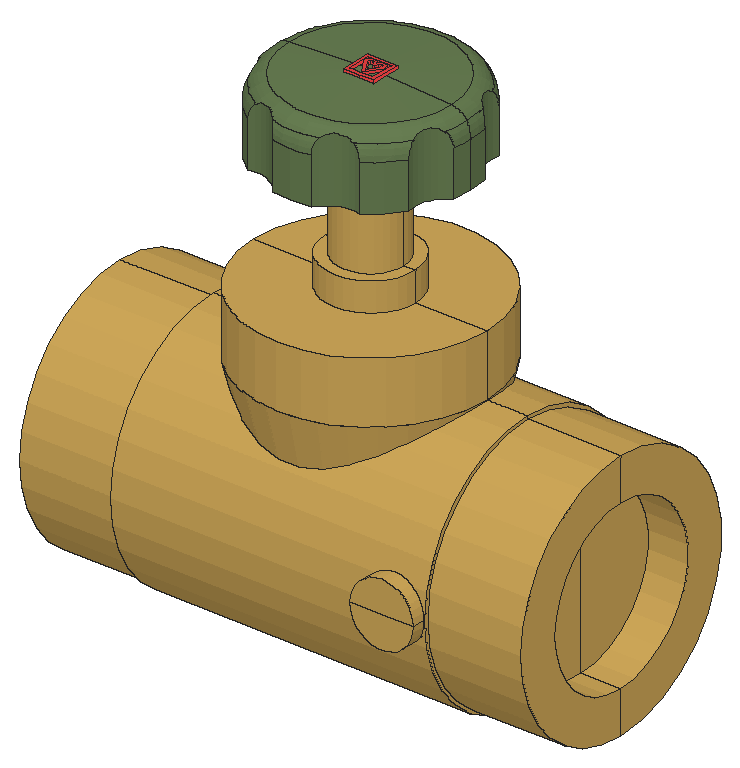
Revit family "Запорный клапан Strömax 4215 W, муфта х муфта", category Rohrzubehör, Revit 2020
Family settings
  Bemaßung runder Anschluss = Durchmesser verwenden
  Teiletyp = Unterbricht
  OmniClass-Nummer = 23.65.55.14
  OmniClass-Titel = Valves for Liquid Services
  Arbeitsebenenbasiert = Nein
  Immer vertikal = Ja
  Beim Laden mit Abzugskörper schneiden = Nein
  Gemeinsam genutzt = Nein
Parameters
  Примечание = "В соответствии со статьей 33 Регламента REACH (Registration; Evaluation; Authorisation; Restriction of Chemicals) (EC № 1907/2006) мы обязаны указать, что свинец внесен в список SVHC (Substances of Very High Concern - вещества очень высокой важности) и весовой процент свинца во всех латунных компонентах заводского изготовления в наших изделиях, превышает 0,1 % (w/w) (CAS: 7439-92-1 / EINECS: 231-100-4).\r\nПоскольку свинец является легирующим компонентом сплава, прямое негативное влияние исключается, и поэтому дополнительной информации о безопасном использовании не требуется."
  Область применения = "Для перекрытия трубопроводов в системе питьевого водоснабжения в зданиях."
  Номер заказа [instance] = size_lookup("4215W_", "Artnr", 0, Nennweite)  # 2421546
  Маховик = "пластик, цвет маховика - зеленый"  # constant formula
  Макс. рабочее давление = 1000000.0 Pa  # constant formula
  Макс. рабочая температура = 90 °C  # constant formula
  Корпус = "латунь, устойчивая к селективной цинковой коррозии, в соответствии с EN1982"  # constant formula
  Vorgabe-Ansicht = 0 mm
  URL = "www.herz-armaturen.ru"
  T01 [instance] = size_lookup("4215W_", "T1", 17.5 mm, Nennweite)  # 42 mm
  SC_NennweiteBerechnet = 0
  SC_Dimension = ""
  SCTWSEQ = "FW;SBT_TYP_FW=\"106\";2"
  SCTWCODE = "04;01;02"  # constant formula
  S03 = 60 mm  # constant formula
  S02 [instance] = H01 + H02 + H03  # 93 mm
  S01 [instance] = R01 * 2  # 75 mm
  R08 [instance] = size_lookup("4215W_", "R8", 9.5 mm, Nennweite)  # 9.5 mm
  R07 = 3 mm  # constant formula
  R06 [instance] = size_lookup("4215W_", "R6", 7.8 mm, Nennweite)  # 10 mm
  R05 [instance] = size_lookup("4215W_", "R5", 10.1 mm, Nennweite)  # 13.5 mm
  R04 [instance] = size_lookup("4215W_", "R4", 13.5 mm, Nennweite)  # 35 mm
  R03 [instance] = size_lookup("4215W_", "R3", 15 mm, Nennweite)  # 38.5 mm
  R02 [instance] = Nennweite / 2  # 25 mm
  R01 [instance] = size_lookup("4215W_", "R1", 16 mm, Nennweite)  # 37.5 mm
  Nennweite [instance] = 50 mm
  Мин. расход при Dp 10 кПа [instance] = if(Nennweite = 15 mm, 0.2, if(Nennweite = 20 mm, 0.4, if(Nennweite = 25 mm, 0.7, if(Nennweite = 32 mm, 1.2, if(Nennweite = 40 mm, 1.6, if(Nennweite = 50 mm, 2.7, 0))))))  # 2.7
  Среда = "Питьевая вода"  # constant formula
  Макс. перепад давления на закрытом седле = 1000000.0 Pa  # constant formula
  L03 [instance] = size_lookup("4215W_", "L3", 15.5 mm, Nennweite)  # 38 mm
  L02 = 12 mm  # constant formula
  L01 [instance] = size_lookup("4215W_", "L1", 16 mm, Nennweite)  # 28 mm
  L00 [instance] = size_lookup("4215W_", "L", 65 mm, Nennweite)  # 150 mm
  Hersteller = "HERZ Armaturen Ges.m.b.H."  # constant formula
  H04 = 21 mm  # constant formula
  H03 [instance] = size_lookup("4215W_", "H3", 14.6 mm, Nennweite)  # 27.3 mm
  H02 [instance] = size_lookup("4215W_", "H2", 5.4 mm, Nennweite)  # 8.7 mm
  H01 [instance] = size_lookup("4215W_", "H1", 26 mm, Nennweite)  # 57 mm
  H00 [instance] = H01 + H02 + H03  # 93 mm
  O-Ring = "EPDM"  # constant formula
Reference planes
  plane 1 "Mitte (Vorne/hinten)": y = 0
  plane 2: z = 0
  plane 3 "Mitte (Links/rechts)": x = 0
Forms (mm)
  Revolve 1, solid, material "Messing, weicher Gelbton, geschweißt", detail levels fine
    sketch origin (470, 0, 0) x (1, 0, 0) y (0, 0, 1)
      loop
        line (-545, 25) -> (-533, 25) -> (-533, 0) -> (-407, 0) -> (-407, 25) -> (-395, 25) -> (-395, 37.5) -> (-423, 37.5) -> (-423, 38.5) -> (-517, 38.5) -> (-517, 37.5) -> (-545, 37.5) -> (-545, 25)
      axis (-545, 0) -> (-395, 0)
    angle from 0 to 360
  Revolve 2, solid, material "Messing, weicher Gelbton, geschweißt", detail levels fine
    sketch origin (0, 0, 0) x (1, 0, 0) y (0, 0, 1)
      loop
        line (0, 0) -> (0, 93) -> (-10, 93) -> (-10, 65.7) -> (-13.5, 65.7) -> (-13.5, 57) -> (-35, 57) -> (-35, 38.5) -> (-25, 0) -> (0, 0)
      axis (0, 93) -> (0, 0)
    angle from 0 to 360
  Revolve 3, solid, material "Messing, weicher Gelbton, geschweißt", detail levels fine
    sketch origin (0, 0, 0) x (1, 0, 0) y (0, 1, 0)
      loop
        line (37, -42) -> (46.5, -42) -> (46.5, -25) -> (40, -25) -> (40, 25) -> (46.5, 25) -> (46.5, 42) -> (37, 42) -> (37, -42)
      axis (37, 42) -> (37, -42)
    angle from 0 to 360
Lines and regions (mm)
  model lines, detail levels coarse+medium
    curve 1: line (-75, 0, -37.5) -> (-75, 0, 37.5)
    curve 2: line (-75, 0, 37.5) -> (75, 0, -37.5)
    curve 3: line (75, 0, -37.5) -> (75, 0, 37.5)
    curve 4: line (75, 0, 37.5) -> (-75, 0, -37.5)
    curve 5: line (0, 0, 0) -> (0, 0, 93)
    curve 6: line (-30, 0, 93) -> (30, 0, 93)
    curve 7: line (-75, 37.5, 0) -> (-75, -37.5, 0)
    curve 8: line (-75, -37.5, 0) -> (75, 37.5, 0)
    curve 9: line (75, 37.5, 0) -> (75, -37.5, 0)
    curve 10: line (75, -37.5, 0) -> (-75, 37.5, 0)
    curve 11: line (0, 0, 0) -> (0, 93, 0)
    curve 12: line (-30, 93, 0) -> (30, 93, 0)
Dimensions and locks
  "L00": Revolve 1 sketch curve to Revolve 1 sketch curve
  equal spacing: Revolve 1 sketch curve, plane 3 "Mitte (Links/rechts)", Revolve 1 sketch curve
  "R01": Revolve 1 sketch curve to Revolve 1 sketch curve  (x2)
  "R02": Revolve 1 sketch curve to Revolve 1 sketch curve  (x2)
  "L01": Revolve 1 sketch curve to Revolve 1 sketch curve  (x2)
  "L02": Revolve 1 sketch curve to Revolve 1 sketch curve  (x2)
  "R03": Revolve 1 sketch curve to Revolve 1 sketch curve
  "R03": Revolve 2 sketch curve to Revolve 2 sketch curve
  "R02": Revolve 2 sketch curve to Revolve 2 sketch curve
  "R04": Revolve 2 sketch curve to Revolve 2 sketch curve
  "R05": Revolve 2 sketch curve to Revolve 2 sketch curve
  "R06": Revolve 2 sketch curve to Revolve 2 sketch curve
  "H01": Revolve 2 sketch curve to plane 2
  "T01": Revolve 3 sketch curve to plane 1 "Mitte (Vorne/hinten)" to Revolve 3 sketch curve
  "L03": Revolve 3 sketch curve to Revolve 1
  "R02": Revolve 3 sketch curve to plane 1 "Mitte (Vorne/hinten)"
  "R02": plane 1 "Mitte (Vorne/hinten)" to Revolve 3 sketch curve
  "R07": Revolve 3 sketch curve to Revolve 3 sketch curve
  "R08": Revolve 3 sketch curve to Revolve 3 sketch curve
  "H02": Revolve 2 sketch curve to Revolve 2 sketch curve
  "H03": Revolve 2 sketch curve to Revolve 2 sketch curve
  "H00": nested 1 to plane 2
  "H04": nested 2 to Revolve 2
  equal spacing: curve 3, plane 3 "Mitte (Links/rechts)", curve 1
  "L00": curve 3 to curve 1
  equal spacing: curve 2, plane 2, curve 4
  "S01": curve 2 to curve 4
  equal spacing: curve 4, plane 2, curve 3
  "S01": curve 4 to curve 3
  "S02": curve 5 to plane 2
  equal spacing: curve 6, curve 5, curve 6
  "S03": curve 6 to curve 6
  equal spacing: curve 7, plane 3 "Mitte (Links/rechts)", curve 9
  "L00": curve 7 to curve 9
  equal spacing: curve 10, plane 1 "Mitte (Vorne/hinten)", curve 9
  equal spacing: curve 8, plane 1 "Mitte (Vorne/hinten)", curve 10
  "S01": curve 9 to curve 10
  "S01": curve 10 to curve 8
  equal spacing: curve 12, plane 3 "Mitte (Links/rechts)", curve 12
  "S02": plane 1 "Mitte (Vorne/hinten)" to curve 11
  "S03": curve 12 to curve 12
  aligned and locked: level to plane 2
Automatic sketch dimensions
  curve 5 to level = 0 mm
  plane 1 "Mitte (Vorne/hinten)" to curve 11 = 0 mm
  Revolve 1 sketch curve to level = 0 mm  (x2)
  Revolve 1 sketch curve to Revolve 1 sketch curve = 791.99 mm
  Revolve 1 sketch curve to Revolve 1 sketch curve = 2278.983 mm
  Revolve 2 sketch curve to level = 0 mm
  Revolve 2 sketch curve to plane 3 "Mitte (Links/rechts)" = 0 mm  (x2)
  Revolve 2 sketch curve to level = 366.045 mm
  Revolve 2 sketch curve to Revolve 2 sketch curve = 2165.278 mm
  Revolve 3 sketch curve to Revolve 3 sketch curve = 9.5 mm
  Revolve 3 sketch curve to Revolve 3 sketch curve = 0 mm
  Revolve 3 sketch curve to Revolve 3 sketch curve = 4.553 mm
  Revolve 3 sketch curve to Revolve 3 sketch curve = 3.768 mm
Nested families
  nested 1: "Strömax-Handrad (Grün)" at (0, 0, 93), type "Strömax-Handrad (Grün)", detail levels fine
    with Nennweite 0 mm, Gewicht 0.00 kg, Bestellnummer 0
  nested 2: "Herz-Logo" at (0, 0, 114), type "Herz-Logo", detail levels fine
Connectors
  piping at (-63, 0, 0), diameter 50, driven by "Nennweite"
    settings: on Revolve 1, index 1, connector inside diameter 609.6 mm, connector length 0 mm, flow factor 0, pipe flow 0.0 L/s, pressure drop 0.0 Pa, fitting loss kfactor 0, connector angle 0.00°, fixture units 0, engagement length 0 mm, angle of deflection 0.00°, flow configuration 0, flow direction 1, fitting loss method 0, system type 29, joint type 0, gender type 0, connector reference index -1, connector utility 0, adjustable connector no, is connector primary yes, connector description ""
  piping at (63, 0, 0), diameter 50, driven by "Nennweite"
    settings: on Revolve 1, index 2, connector inside diameter 609.6 mm, connector length 0 mm, flow factor 0, pipe flow 0.0 L/s, pressure drop 0.0 Pa, fitting loss kfactor 0, connector angle 0.00°, fixture units 0, engagement length 0 mm, angle of deflection 0.00°, flow configuration 0, flow direction 2, fitting loss method 0, system type 29, joint type 0, gender type 0, connector reference index -1, connector utility 0, adjustable connector no, is connector primary no, connector description ""
Definition of nested family "Strömax-Handrad (Grün)"
  Parameters (values of type "Strömax-Handrad (Grün)")
    Default Elevation = 0 mm
    URL = "www.herz-armaturen.at"
    Nennweite [instance] = 0 mm
    Manufacturer = "Herz Armaturen GmbH"  # constant formula
    Gewicht [instance] = 0.00 kg
    Bestellnummer [instance] = 0
  Reference planes
    plane 1 "Mitte (Vorne/hinten)": y = 0
    plane 2: z = 0
    plane 3 "Mitte (Links/rechts)": x = 0
  Forms (mm)
    Revolve 1, solid
      sketch origin (0, 0, 0) x (1, 0, 0) y (0, 0, 1)
        loop
          line (0, 0) -> (0, 22)
          arc (0, 22) -> (-12.15, 21.705) -> (-24.271, 20.819) r 250
          arc (-24.271, 20.819) -> (-26.831, 19.959) -> (-28.754, 18.063) r 6
          arc (-28.754, 18.063) -> (-29.682, 16.008) -> (-30, 13.776) r 8
          line (-30, 13.776) -> (-30, 0) -> (0, 0)
        axis (0, 22) -> (0, 0)
      angle from 0 to 360
    Extrusion 2, void
      sketch origin (0, 0, 0) x (1, 0, 0) y (0, 1, 0)
        loop
          circle (14.351, -34.645) r 10
      from 0 to 22
    Extrusion 3, void
      sketch origin (0, 0, 0) x (-1, 0, 0) y (0, -1, 0)
        loop
          circle (14.351, 34.645) r 10
      from 0 to 22
    Extrusion 4, void
      sketch origin (0, 0, 0) x (0, -1, 0) y (1, 0, 0)
        loop
          circle (14.351, 34.645) r 10
      from 0 to 22
    Extrusion 5, void
      sketch origin (0, 0, 0) x (0, 1, 0) y (-1, 0, 0)
        loop
          circle (14.351, -34.645) r 10
      from 0 to 22
    Extrusion 6, void
      sketch origin (0, 0, 0) x (0, -1, 0) y (1, 0, 0)
        loop
          circle (14.351, -34.645) r 10
      from 0 to 22
    Extrusion 7, void
      sketch origin (0, 0, 0) x (0, 1, 0) y (-1, 0, 0)
        loop
          circle (14.351, 34.645) r 10
      from 0 to 22
    Extrusion 8, void
      sketch origin (0, 0, 0) x (1, 0, 0) y (0, 1, 0)
        loop
          circle (14.351, 34.645) r 10
      from 0 to 22
    Extrusion 9, void
      sketch origin (0, 0, 0) x (-1, 0, 0) y (0, -1, 0)
        loop
          circle (14.351, -34.645) r 10
      from 0 to 22
  Cuts and joins
    Extrusion 2, Extrusion 3, Extrusion 4, Extrusion 5, Extrusion 6, Extrusion 7, Extrusion 8, Extrusion 9 cuts Revolve 1
  Dimensions and locks
    aligned and locked: level to plane 2
Definition of nested family "Herz-Logo"
  Parameters (values of type "Herz-Logo")
    Default Elevation = 0 mm
  Reference planes
    plane 1 "Mitte (Vorne/hinten)": y = 0
    plane 2: z = 0
    plane 3 "Mitte (Links/rechts)": x = 0
  Forms (mm)
    Extrusion 1, solid
      sketch origin (0, 0, 0) x (1, 0, 0) y (0, 1, 0)
        loop
          line (-0.018, -4.517) -> (4.482, -4.517) -> (4.482, 4.483) -> (-4.518, 4.483) -> (-4.518, -4.517) -> (-0.018, -4.517)
        loop
          line (-0.05, -3.48) -> (3.482, -3.48) -> (3.482, 3.483) -> (-3.518, 3.483) -> (-3.518, -3.48) -> (-0.05, -3.48)
        loop
          arc (-0.018, 2.383) -> (-1.543, 3.287) -> (-3.067, 2.383) r 1.738
          arc (-3.067, 2.383) -> (-3.191, 1.899) -> (-3.067, 1.415) r 1.009
          line (-3.067, 1.415) -> (-0.018, -3.281) -> (3.032, 1.415)
          arc (3.032, 1.415) -> (3.156, 1.899) -> (3.032, 2.383) r 1.009
          arc (3.032, 2.383) -> (1.507, 3.287) -> (-0.018, 2.383) r 1.738
        loop
          arc (1.885, 1.272) -> (2.005, 1.675) -> (1.885, 2.079) r 0.74
          arc (1.885, 2.079) -> (1.265, 2.416) -> (0.644, 2.079) r 0.74
          line (0.644, 2.079) -> (-0.018, 0.97) -> (-0.679, 2.079)
          arc (-0.679, 2.079) -> (-1.3, 2.416) -> (-1.921, 2.079) r 0.74
          arc (-1.921, 2.079) -> (-2.04, 1.675) -> (-1.921, 1.272) r 0.74
          line (-1.921, 1.272) -> (-0.018, -1.658) -> (1.885, 1.272)
      from 0 to 1.5
  Dimensions and locks
    aligned and locked: level to plane 2
